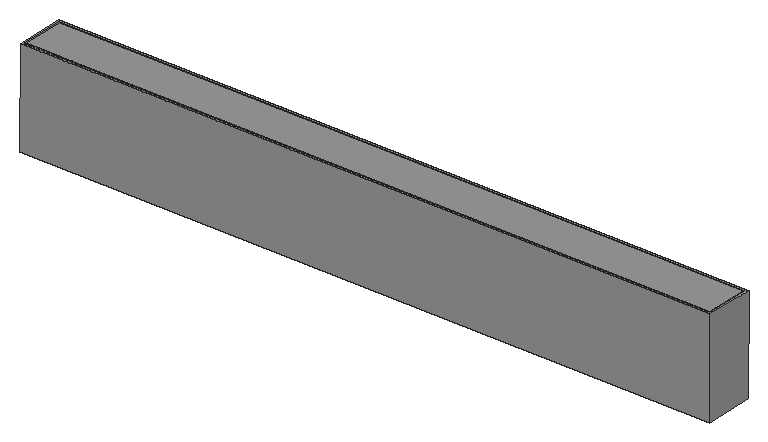
Revit family "Artemide_Sharp_SMD", category Lighting Fixtures, Revit 2018 (continued)
Types (243, lengths in mm): name | Wattage | V_2Optics | V_1Optic | TotalNumberOfOptics | built-in parameter 1150134 | Photometric Web File | NumberOfOptics | M_ExternalHousing | built-in parameter 1150105 | Lumens | built-in parameter 1150107 | built-in parameter 1150106 | URL to O&M Manual | Suitable for Dimming  | Suitable Dimmer Type | Product Model Number | Overall Length | Housing Colour  | Emit from Rectangle Width | Emit from Rectangle Length | Efficiency | built-in parameter 1150104 | Distance_RightEnd | Colour Temperature
  SharpSMD_12opticunit_37W_36°_2700K_White_AF80801 | 37 W | no | yes | 12 | (empty or 0) | "AF80801+AF95201.IES" | 11 | Artemide_Aluminum_White | 168.54 (stored number, unit not read) | 2117.88 lm | 2700 (stored number, unit not read) | 1.6854 (stored number, unit not read) | "https://www.artemide.com/contents/documenti/prodotto/sharp_smd_instructions4862734.pdf" | "N" | "-" | "AF80801" | 448 | "White" | 37.4 | 447.6 | 71 | 5.3178 (stored number, unit not read) | 431.2 | 2700
  SharpSMD_12opticunit_37W_36°_2700K_DimmableDali_White_AF82701 | 37 W | no | yes | 12 | (empty or 0) | "AF82701+AF95201.IES" | 11 | Artemide_Aluminum_White | 168.54 (stored number, unit not read) | 2117.88 lm | 2700 (stored number, unit not read) | 1.6854 (stored number, unit not read) | "https://www.artemide.com/contents/documenti/prodotto/sharp_smd_instructions4862734.pdf" | "Y" | "DALI" | "AF82701" | 448 | "White" | 37.4 | 447.6 | 71 | 5.3178 (stored number, unit not read) | 431.2 | 2700
  SharpSMD_12opticunit_37W_52°_2700K_White_AF80901 | 37 W | no | yes | 12 | (empty or 0) | "AF80901+AF95201.IES" | 11 | Artemide_Aluminum_White | 174.54 (stored number, unit not read) | 2193.36 lm | 2700 (stored number, unit not read) | 1.7454 (stored number, unit not read) | "https://www.artemide.com/contents/documenti/prodotto/sharp_smd_instructions4862734.pdf" | "N" | "-" | "AF80901" | 448 | "White" | 37.4 | 447.6 | 73 | 5.5073 (stored number, unit not read) | 431.2 | 2700
  SharpSMD_12opticunit_37W_52°_2700K_DimmableDali_White_AF82801 | 37 W | no | yes | 12 | (empty or 0) | "AF82801+AF95201.IES" | 11 | Artemide_Aluminum_White | 174.54 (stored number, unit not read) | 2193.36 lm | 2700 (stored number, unit not read) | 1.7454 (stored number, unit not read) | "https://www.artemide.com/contents/documenti/prodotto/sharp_smd_instructions4862734.pdf" | "Y" | "DALI" | "AF82801" | 448 | "White" | 37.4 | 447.6 | 73 | 5.5073 (stored number, unit not read) | 431.2 | 2700
  SharpSMD_12opticunit_37W_20°_2700K_DimmableDali_White_AF82601 | 37 W | no | yes | 12 | (empty or 0) | "AF82601+AF95201.IES" | 11 | Artemide_Aluminum_White | 180.14 (stored number, unit not read) | 2263.66 lm | 2700 (stored number, unit not read) | 1.8014 (stored number, unit not read) | "https://www.artemide.com/contents/documenti/prodotto/sharp_smd_instructions4862734.pdf" | "Y" | "DALI" | "AF82601" | 448 | "White" | 37.4 | 447.6 | 76 | 5.6838 (stored number, unit not read) | 431.2 | 2700
  SharpSMD_12opticunit_37W_20°_2700K_White_AF80701 | 37 W | no | yes | 12 | (empty or 0) | "AF80701+AF95201.IES" | 11 | Artemide_Aluminum_White | 180.14 (stored number, unit not read) | 2263.66 lm | 2700 (stored number, unit not read) | 1.8014 (stored number, unit not read) | "https://www.artemide.com/contents/documenti/prodotto/sharp_smd_instructions4862734.pdf" | "N" | "-" | "AF80701" | 448 | "White" | 37.4 | 447.6 | 76 | 5.6838 (stored number, unit not read) | 431.2 | 2700
  SharpSMD_16opticunit_47W_20°_3000K_Black_AF86004 | 47 W | no | yes | 16 | (empty or 0) | "AF86004+AF95201.IES" | 15 | Artemide_Aluminum_Black | 255.86 (stored number, unit not read) | 3215.27 lm | 3000 (stored number, unit not read) | 2.5586 (stored number, unit not read) | "https://www.artemide.com/contents/documenti/prodotto/sharp_smd_instructions4862734.pdf" | "N" | "-" | "AF86004" | 596 | "Black" | 37.4 | 596.8 | 76 | 6.3555 (stored number, unit not read) | 580.4 | 3000
  SharpSMD_16opticunit_47W_20°_3000K_Silver_AF86005 | 47 W | no | yes | 16 | (empty or 0) | "AF86005+AF95201.IES" | 15 | Artemide_Aluminum_BrushedSilver | 255.86 (stored number, unit not read) | 3215.27 lm | 3000 (stored number, unit not read) | 2.5586 (stored number, unit not read) | "https://www.artemide.com/contents/documenti/prodotto/sharp_smd_instructions4862734.pdf" | "N" | "-" | "AF86005" | 596 | "Silver" | 37.4 | 596.8 | 76 | 6.3555 (stored number, unit not read) | 580.4 | 3000
  SharpSMD_16opticunit_47W_20°_4000K_White_AF86301 | 47 W | no | yes | 16 | 12 | "AF86301+AF95201.IES" | 15 | Artemide_Aluminum_White | 273.85 (stored number, unit not read) | 3441.34 lm | 4000 (stored number, unit not read) | 2.7385 (stored number, unit not read) | "https://www.artemide.com/contents/documenti/prodotto/sharp_smd_instructions4862734.pdf" | "N" | "-" | "AF86301" | 596 | "White" | 37.4 | 596.8 | 76 | 6.8024 (stored number, unit not read) | 580.4 | 4000
  SharpSMD_16opticunit_47W_20°_4000K_Black_AF86304 | 47 W | no | yes | 16 | 12 | "AF86304+AF95201.IES" | 15 | Artemide_Aluminum_Black | 273.85 (stored number, unit not read) | 3441.34 lm | 4000 (stored number, unit not read) | 2.7385 (stored number, unit not read) | "https://www.artemide.com/contents/documenti/prodotto/sharp_smd_instructions4862734.pdf" | "N" | "-" | "AF86304" | 596 | "Black" | 37.4 | 596.8 | 76 | 6.8024 (stored number, unit not read) | 580.4 | 4000
  SharpSMD_16opticunit_47W_20°_4000K_Silver_AF86305 | 47 W | no | yes | 16 | 12 | "AF86305+AF95201.IES" | 15 | Artemide_Aluminum_BrushedSilver | 273.85 (stored number, unit not read) | 3441.34 lm | 4000 (stored number, unit not read) | 2.7385 (stored number, unit not read) | "https://www.artemide.com/contents/documenti/prodotto/sharp_smd_instructions4862734.pdf" | "N" | "-" | "AF86305" | 596 | "Silver" | 37.4 | 596.8 | 76 | 6.8024 (stored number, unit not read) | 580.4 | 4000
  SharpSMD_16opticunit_47W_36°_3000K_White_AF86101 | 47 W | no | yes | 16 | (empty or 0) | "AF86101+AF95201.IES" | 15 | Artemide_Aluminum_White | 239.41 (stored number, unit not read) | 3008.47 lm | 3000 (stored number, unit not read) | 2.3941 (stored number, unit not read) | "https://www.artemide.com/contents/documenti/prodotto/sharp_smd_instructions4862734.pdf" | "N" | "-" | "AF86101" | 596 | "White" | 37.4 | 596.8 | 71 | 5.9467 (stored number, unit not read) | 580.4 | 3000
  SharpSMD_16opticunit_47W_36°_3000K_Black_AF86104 | 47 W | no | yes | 16 | (empty or 0) | "AF86104+AF95201.IES" | 15 | Artemide_Aluminum_Black | 239.41 (stored number, unit not read) | 3008.47 lm | 3000 (stored number, unit not read) | 2.3941 (stored number, unit not read) | "https://www.artemide.com/contents/documenti/prodotto/sharp_smd_instructions4862734.pdf" | "N" | "-" | "AF86104" | 596 | "Black" | 37.4 | 596.8 | 71 | 5.9467 (stored number, unit not read) | 580.4 | 3000
  SharpSMD_16opticunit_47W_36°_3000K_Silver_AF86105 | 47 W | no | yes | 16 | (empty or 0) | "AF86105+AF95201.IES" | 15 | Artemide_Aluminum_BrushedSilver | 239.41 (stored number, unit not read) | 3008.47 lm | 3000 (stored number, unit not read) | 2.3941 (stored number, unit not read) | "https://www.artemide.com/contents/documenti/prodotto/sharp_smd_instructions4862734.pdf" | "N" | "-" | "AF86105" | 596 | "Silver" | 37.4 | 596.8 | 71 | 5.9467 (stored number, unit not read) | 580.4 | 3000
  SharpSMD_16opticunit_47W_36°_4000K_White_AF86401 | 47 W | no | yes | 16 | 12 | "AF86401+AF95201.IES" | 15 | Artemide_Aluminum_White | 256.27 (stored number, unit not read) | 3220.44 lm | 4000 (stored number, unit not read) | 2.5627 (stored number, unit not read) | "https://www.artemide.com/contents/documenti/prodotto/sharp_smd_instructions4862734.pdf" | "N" | "-" | "AF86401" | 596 | "White" | 37.4 | 596.8 | 71 | 6.3657 (stored number, unit not read) | 580.4 | 4000
  SharpSMD_16opticunit_47W_36°_4000K_Black_AF86404 | 47 W | no | yes | 16 | 12 | "AF86404+AF95201.IES" | 15 | Artemide_Aluminum_Black | 256.27 (stored number, unit not read) | 3220.44 lm | 4000 (stored number, unit not read) | 2.5627 (stored number, unit not read) | "https://www.artemide.com/contents/documenti/prodotto/sharp_smd_instructions4862734.pdf" | "N" | "-" | "AF86404" | 596 | "Black" | 37.4 | 596.8 | 71 | 6.3657 (stored number, unit not read) | 580.4 | 4000
  SharpSMD_16opticunit_47W_36°_4000K_Silver_AF86405 | 47 W | no | yes | 16 | 12 | "AF86405+AF95201.IES" | 15 | Artemide_Aluminum_BrushedSilver | 256.27 (stored number, unit not read) | 3220.44 lm | 4000 (stored number, unit not read) | 2.5627 (stored number, unit not read) | "https://www.artemide.com/contents/documenti/prodotto/sharp_smd_instructions4862734.pdf" | "N" | "-" | "AF86405" | 596 | "Silver" | 37.4 | 596.8 | 71 | 6.3657 (stored number, unit not read) | 580.4 | 4000
  SharpSMD_16opticunit_47W_52°_3000K_White_AF86201 | 47 W | no | yes | 16 | (empty or 0) | "AF86201+AF95201.IES" | 15 | Artemide_Aluminum_White | 247.93 (stored number, unit not read) | 3115.63 lm | 3000 (stored number, unit not read) | 2.4793 (stored number, unit not read) | "https://www.artemide.com/contents/documenti/prodotto/sharp_smd_instructions4862734.pdf" | "N" | "-" | "AF86201" | 596 | "White" | 37.4 | 596.8 | 73 | 6.1585 (stored number, unit not read) | 580.4 | 3000
  SharpSMD_16opticunit_47W_52°_3000K_Black_AF86204 | 47 W | no | yes | 16 | (empty or 0) | "AF86204+AF95201.IES" | 15 | Artemide_Aluminum_Black | 247.93 (stored number, unit not read) | 3115.63 lm | 3000 (stored number, unit not read) | 2.4793 (stored number, unit not read) | "https://www.artemide.com/contents/documenti/prodotto/sharp_smd_instructions4862734.pdf" | "N" | "-" | "AF86204" | 596 | "Black" | 37.4 | 596.8 | 73 | 6.1585 (stored number, unit not read) | 580.4 | 3000
  SharpSMD_16opticunit_47W_52°_3000K_Silver_AF86205 | 47 W | no | yes | 16 | (empty or 0) | "AF86205+AF95201.IES" | 15 | Artemide_Aluminum_BrushedSilver | 247.93 (stored number, unit not read) | 3115.63 lm | 3000 (stored number, unit not read) | 2.4793 (stored number, unit not read) | "https://www.artemide.com/contents/documenti/prodotto/sharp_smd_instructions4862734.pdf" | "N" | "-" | "AF86205" | 596 | "Silver" | 37.4 | 596.8 | 73 | 6.1585 (stored number, unit not read) | 580.4 | 3000
  SharpSMD_16opticunit_47W_52°_4000K_White_AF86501 | 47 W | no | yes | 16 | 12 | "AF86501+AF95201.IES" | 15 | Artemide_Aluminum_White | 265.36 (stored number, unit not read) | 3334.65 lm | 4000 (stored number, unit not read) | 2.6536 (stored number, unit not read) | "https://www.artemide.com/contents/documenti/prodotto/sharp_smd_instructions4862734.pdf" | "N" | "-" | "AF86501" | 596 | "White" | 37.4 | 596.8 | 73 | 6.5915 (stored number, unit not read) | 580.4 | 4000
  SharpSMD_16opticunit_47W_52°_4000K_Black_AF86504 | 47 W | no | yes | 16 | 12 | "AF86504+AF95201.IES" | 15 | Artemide_Aluminum_Black | 265.36 (stored number, unit not read) | 3334.65 lm | 4000 (stored number, unit not read) | 2.6536 (stored number, unit not read) | "https://www.artemide.com/contents/documenti/prodotto/sharp_smd_instructions4862734.pdf" | "N" | "-" | "AF86504" | 596 | "Black" | 37.4 | 596.8 | 73 | 6.5915 (stored number, unit not read) | 580.4 | 4000
  SharpSMD_16opticunit_47W_52°_4000K_Silver_AF86505 | 47 W | no | yes | 16 | 12 | "AF86505+AF95201.IES" | 15 | Artemide_Aluminum_BrushedSilver | 265.36 (stored number, unit not read) | 3334.65 lm | 4000 (stored number, unit not read) | 2.6536 (stored number, unit not read) | "https://www.artemide.com/contents/documenti/prodotto/sharp_smd_instructions4862734.pdf" | "N" | "-" | "AF86505" | 596 | "Silver" | 37.4 | 596.8 | 73 | 6.5915 (stored number, unit not read) | 580.4 | 4000
  SharpSMD_16opticunit_47W_20°_3000K_DimmableDali_Black_AF87004 | 47 W | no | yes | 16 | (empty or 0) | "AF87004+AF95201.IES" | 15 | Artemide_Aluminum_Black | 255.86 (stored number, unit not read) | 3215.27 lm | 3000 (stored number, unit not read) | 2.5586 (stored number, unit not read) | "https://www.artemide.com/contents/documenti/prodotto/sharp_smd_instructions4862734.pdf" | "Y" | "DALI" | "AF87004" | 596 | "Black" | 37.4 | 596.8 | 76 | 6.3555 (stored number, unit not read) | 580.4 | 3000
  SharpSMD_16opticunit_47W_36°_3000K_DimmableDali_Black_AF87104 | 47 W | no | yes | 16 | (empty or 0) | "AF87104+AF95201.IES" | 15 | Artemide_Aluminum_Black | 239.41 (stored number, unit not read) | 3008.47 lm | 3000 (stored number, unit not read) | 2.3941 (stored number, unit not read) | "https://www.artemide.com/contents/documenti/prodotto/sharp_smd_instructions4862734.pdf" | "Y" | "DALI" | "AF87104" | 596 | "Black" | 37.4 | 596.8 | 71 | 5.9467 (stored number, unit not read) | 580.4 | 3000
  SharpSMD_16opticunit_47W_52°_3000K_DimmableDali_Black_AF87204 | 47 W | no | yes | 16 | (empty or 0) | "AF87204+AF95201.IES" | 15 | Artemide_Aluminum_Black | 247.93 (stored number, unit not read) | 3115.63 lm | 3000 (stored number, unit not read) | 2.4793 (stored number, unit not read) | "https://www.artemide.com/contents/documenti/prodotto/sharp_smd_instructions4862734.pdf" | "Y" | "DALI" | "AF87204" | 596 | "Black" | 37.4 | 596.8 | 73 | 6.1585 (stored number, unit not read) | 580.4 | 3000
  SharpSMD_16opticunit_47W_20°_4000K_DimmableDali_Black_AF87304 | 47 W | no | yes | 16 | 12 | "AF87304+AF95201.IES" | 15 | Artemide_Aluminum_Black | 273.85 (stored number, unit not read) | 3441.34 lm | 4000 (stored number, unit not read) | 2.7385 (stored number, unit not read) | "https://www.artemide.com/contents/documenti/prodotto/sharp_smd_instructions4862734.pdf" | "Y" | "DALI" | "AF87304" | 596 | "Black" | 37.4 | 596.8 | 76 | 6.8024 (stored number, unit not read) | 580.4 | 4000
  SharpSMD_16opticunit_47W_52°_4000K_DimmableDali_Black_AF87504 | 47 W | no | yes | 16 | 12 | "AF87504+AF95201.IES" | 15 | Artemide_Aluminum_Black | 265.36 (stored number, unit not read) | 3334.65 lm | 4000 (stored number, unit not read) | 2.6536 (stored number, unit not read) | "https://www.artemide.com/contents/documenti/prodotto/sharp_smd_instructions4862734.pdf" | "Y" | "DALI" | "AF87504" | 596 | "Black" | 37.4 | 596.8 | 73 | 6.5915 (stored number, unit not read) | 580.4 | 4000
  SharpSMD_16opticunit_47W_36°_4000K_DimmableDali_Black_AF87404 | 47 W | no | yes | 16 | 12 | "AF87404+AF95201.IES" | 15 | Artemide_Aluminum_Black | 256.27 (stored number, unit not read) | 3220.44 lm | 4000 (stored number, unit not read) | 2.5627 (stored number, unit not read) | "https://www.artemide.com/contents/documenti/prodotto/sharp_smd_instructions4862734.pdf" | "Y" | "DALI" | "AF87404" | 596 | "Black" | 37.4 | 596.8 | 71 | 6.3657 (stored number, unit not read) | 580.4 | 4000
  SharpSMD_16opticunit_47W_20°_4000K_DimmableDali_Silver_AF87305 | 47 W | no | yes | 16 | 12 | "AF87305+AF95201.IES" | 15 | Artemide_Aluminum_BrushedSilver | 273.85 (stored number, unit not read) | 3441.34 lm | 4000 (stored number, unit not read) | 2.7385 (stored number, unit not read) | "https://www.artemide.com/contents/documenti/prodotto/sharp_smd_instructions4862734.pdf" | "Y" | "DALI" | "AF87305" | 596 | "Silver" | 37.4 | 596.8 | 76 | 6.8024 (stored number, unit not read) | 580.4 | 4000
  SharpSMD_16opticunit_47W_36°_4000K_DimmableDali_Silver_AF87405 | 47 W | no | yes | 16 | 12 | "AF87405+AF95201.IES" | 15 | Artemide_Aluminum_BrushedSilver | 256.27 (stored number, unit not read) | 3220.44 lm | 4000 (stored number, unit not read) | 2.5627 (stored number, unit not read) | "https://www.artemide.com/contents/documenti/prodotto/sharp_smd_instructions4862734.pdf" | "Y" | "DALI" | "AF87405" | 596 | "Silver" | 37.4 | 596.8 | 71 | 6.3657 (stored number, unit not read) | 580.4 | 4000
  SharpSMD_16opticunit_47W_52°_4000K_DimmableDali_Silver_AF87505 | 47 W | no | yes | 16 | 12 | "AF87505+AF95201.IES" | 15 | Artemide_Aluminum_BrushedSilver | 265.36 (stored number, unit not read) | 3334.65 lm | 4000 (stored number, unit not read) | 2.6536 (stored number, unit not read) | "https://www.artemide.com/contents/documenti/prodotto/sharp_smd_instructions4862734.pdf" | "Y" | "DALI" | "AF87505" | 596 | "Silver" | 37.4 | 596.8 | 73 | 6.5915 (stored number, unit not read) | 580.4 | 4000
  SharpSMD_16opticunit_47W_20°_3000K_DimmableDali_Silver_AF87005 | 47 W | no | yes | 16 | (empty or 0) | "AF87005+AF95201.IES" | 15 | Artemide_Aluminum_BrushedSilver | 255.86 (stored number, unit not read) | 3215.27 lm | 3000 (stored number, unit not read) | 2.5586 (stored number, unit not read) | "https://www.artemide.com/contents/documenti/prodotto/sharp_smd_instructions4862734.pdf" | "Y" | "DALI" | "AF87005" | 596 | "Silver" | 37.4 | 596.8 | 76 | 6.3555 (stored number, unit not read) | 580.4 | 3000
  SharpSMD_16opticunit_47W_52°_3000K_DimmableDali_Silver_AF87205 | 47 W | no | yes | 16 | (empty or 0) | "AF87205+AF95201.IES" | 15 | Artemide_Aluminum_BrushedSilver | 247.93 (stored number, unit not read) | 3115.63 lm | 3000 (stored number, unit not read) | 2.4793 (stored number, unit not read) | "https://www.artemide.com/contents/documenti/prodotto/sharp_smd_instructions4862734.pdf" | "Y" | "DALI" | "AF87205" | 596 | "Silver" | 37.4 | 596.8 | 73 | 6.1585 (stored number, unit not read) | 580.4 | 3000
  SharpSMD_16opticunit_47W_36°_3000K_DimmableDali_Silver_AF87105 | 47 W | no | yes | 16 | (empty or 0) | "AF87105+AF95201.IES" | 15 | Artemide_Aluminum_BrushedSilver | 239.41 (stored number, unit not read) | 3008.47 lm | 3000 (stored number, unit not read) | 2.3941 (stored number, unit not read) | "https://www.artemide.com/contents/documenti/prodotto/sharp_smd_instructions4862734.pdf" | "Y" | "DALI" | "AF87105" | 596 | "Silver" | 37.4 | 596.8 | 71 | 5.9467 (stored number, unit not read) | 580.4 | 3000
  SharpSMD_16opticunit_47W_20°_4000K_DimmableDali_White_AF87301 | 47 W | no | yes | 16 | 12 | "AF87301+AF95201.IES" | 15 | Artemide_Aluminum_White | 273.85 (stored number, unit not read) | 3441.34 lm | 4000 (stored number, unit not read) | 2.7385 (stored number, unit not read) | "https://www.artemide.com/contents/documenti/prodotto/sharp_smd_instructions4862734.pdf" | "Y" | "DALI" | "AF87301" | 596 | "White" | 37.4 | 596.8 | 76 | 6.8024 (stored number, unit not read) | 580.4 | 4000
  SharpSMD_16opticunit_47W_36°_4000K_DimmableDali_White_AF87401 | 47 W | no | yes | 16 | 12 | "AF87401+AF95201.IES" | 15 | Artemide_Aluminum_White | 256.27 (stored number, unit not read) | 3220.44 lm | 4000 (stored number, unit not read) | 2.5627 (stored number, unit not read) | "https://www.artemide.com/contents/documenti/prodotto/sharp_smd_instructions4862734.pdf" | "Y" | "DALI" | "AF87401" | 596 | "White" | 37.4 | 596.8 | 71 | 6.3657 (stored number, unit not read) | 580.4 | 4000
  SharpSMD_16opticunit_47W_52°_4000K_DimmableDali_White_AF87501 | 47 W | no | yes | 16 | 12 | "AF87501+AF95201.IES" | 15 | Artemide_Aluminum_White | 265.36 (stored number, unit not read) | 3334.65 lm | 4000 (stored number, unit not read) | 2.6536 (stored number, unit not read) | "https://www.artemide.com/contents/documenti/prodotto/sharp_smd_instructions4862734.pdf" | "Y" | "DALI" | "AF87501" | 596 | "White" | 37.4 | 596.8 | 73 | 6.5915 (stored number, unit not read) | 580.4 | 4000
  SharpSMD_16opticunit_47W_20°_3000K_DimmableDali_White_AF87001 | 47 W | no | yes | 16 | (empty or 0) | "AF87001+AF95201.IES" | 15 | Artemide_Aluminum_White | 255.86 (stored number, unit not read) | 3215.27 lm | 3000 (stored number, unit not read) | 2.5586 (stored number, unit not read) | "https://www.artemide.com/contents/documenti/prodotto/sharp_smd_instructions4862734.pdf" | "Y" | "DALI" | "AF87001" | 596 | "White" | 37.4 | 596.8 | 76 | 6.3555 (stored number, unit not read) | 580.4 | 3000
  SharpSMD_16opticunit_47W_52°_3000K_DimmableDali_White_AF87201 | 47 W | no | yes | 16 | (empty or 0) | "AF87201+AF95201.IES" | 15 | Artemide_Aluminum_White | 247.93 (stored number, unit not read) | 3115.63 lm | 3000 (stored number, unit not read) | 2.4793 (stored number, unit not read) | "https://www.artemide.com/contents/documenti/prodotto/sharp_smd_instructions4862734.pdf" | "Y" | "DALI" | "AF87201" | 596 | "White" | 37.4 | 596.8 | 73 | 6.1585 (stored number, unit not read) | 580.4 | 3000
  SharpSMD_16opticunit_47W_36°_3000K_DimmableDali_White_AF87101 | 47 W | no | yes | 16 | (empty or 0) | "AF87101+AF95201.IES" | 15 | Artemide_Aluminum_White | 239.41 (stored number, unit not read) | 3008.47 lm | 3000 (stored number, unit not read) | 2.3941 (stored number, unit not read) | "https://www.artemide.com/contents/documenti/prodotto/sharp_smd_instructions4862734.pdf" | "Y" | "DALI" | "AF87101" | 596 | "White" | 37.4 | 596.8 | 71 | 5.9467 (stored number, unit not read) | 580.4 | 3000
  SharpSMD_16opticunit_47W_20°_2700K_Black_AF85704 | 47 W | no | yes | 16 | (empty or 0) | "AF85704+AF95201.IES" | 15 | Artemide_Aluminum_Black | 240.15 (stored number, unit not read) | 3017.87 lm | 2700 (stored number, unit not read) | 2.4015 (stored number, unit not read) | "https://www.artemide.com/contents/documenti/prodotto/sharp_smd_instructions4862734.pdf" | "N" | "-" | "AF85704" | 596 | "Black" | 37.4 | 596.8 | 76 | 5.9653 (stored number, unit not read) | 580.4 | 2700
  SharpSMD_16opticunit_47W_20°_2700K_DimmableDali_Black_AF87604 | 47 W | no | yes | 16 | (empty or 0) | "AF87604+AF95201.IES" | 15 | Artemide_Aluminum_Black | 240.15 (stored number, unit not read) | 3017.87 lm | 2700 (stored number, unit not read) | 2.4015 (stored number, unit not read) | "https://www.artemide.com/contents/documenti/prodotto/sharp_smd_instructions4862734.pdf" | "Y" | "DALI" | "AF87604" | 596 | "Black" | 37.4 | 596.8 | 76 | 5.9653 (stored number, unit not read) | 580.4 | 2700
  SharpSMD_16opticunit_47W_36°_2700K_Black_AF85804 | 47 W | no | yes | 16 | (empty or 0) | "AF85804+AF95201.IES" | 15 | Artemide_Aluminum_Black | 224.75 (stored number, unit not read) | 2824.23 lm | 2700 (stored number, unit not read) | 2.2475 (stored number, unit not read) | "https://www.artemide.com/contents/documenti/prodotto/sharp_smd_instructions4862734.pdf" | "N" | "-" | "AF85804" | 596 | "Black" | 37.4 | 596.8 | 71 | 5.5825 (stored number, unit not read) | 580.4 | 2700
  SharpSMD_16opticunit_47W_36°_2700K_DimmableDali_Black_AF87704 | 47 W | no | yes | 16 | (empty or 0) | "AF87704+AF95201.IES" | 15 | Artemide_Aluminum_Black | 224.75 (stored number, unit not read) | 2824.23 lm | 2700 (stored number, unit not read) | 2.2475 (stored number, unit not read) | "https://www.artemide.com/contents/documenti/prodotto/sharp_smd_instructions4862734.pdf" | "Y" | "DALI" | "AF87704" | 596 | "Black" | 37.4 | 596.8 | 71 | 5.5825 (stored number, unit not read) | 580.4 | 2700
  SharpSMD_16opticunit_47W_52°_2700K_Black_AF85904 | 47 W | no | yes | 16 | (empty or 0) | "AF85904+AF95201.IES" | 15 | Artemide_Aluminum_Black | 232.71 (stored number, unit not read) | 2924.34 lm | 2700 (stored number, unit not read) | 2.3271 (stored number, unit not read) | "https://www.artemide.com/contents/documenti/prodotto/sharp_smd_instructions4862734.pdf" | "N" | "-" | "AF85904" | 596 | "Black" | 37.4 | 596.8 | 73 | 5.7804 (stored number, unit not read) | 580.4 | 2700
  SharpSMD_16opticunit_47W_52°_2700K_DimmableDali_Black_AF87804 | 47 W | no | yes | 16 | (empty or 0) | "AF87804+AF95201.IES" | 15 | Artemide_Aluminum_Black | 232.71 (stored number, unit not read) | 2924.34 lm | 2700 (stored number, unit not read) | 2.3271 (stored number, unit not read) | "https://www.artemide.com/contents/documenti/prodotto/sharp_smd_instructions4862734.pdf" | "Y" | "DALI" | "AF87804" | 596 | "Black" | 37.4 | 596.8 | 73 | 5.7804 (stored number, unit not read) | 580.4 | 2700
  SharpSMD_16opticunit_47W_20°_2700K_Silver_AF85705 | 47 W | no | yes | 16 | (empty or 0) | "AF85705+AF95201.IES" | 15 | Artemide_Aluminum_BrushedSilver | 240.15 (stored number, unit not read) | 3017.87 lm | 2700 (stored number, unit not read) | 2.4015 (stored number, unit not read) | "https://www.artemide.com/contents/documenti/prodotto/sharp_smd_instructions4862734.pdf" | "N" | "-" | "AF85705" | 596 | "Silver" | 37.4 | 596.8 | 76 | 5.9653 (stored number, unit not read) | 580.4 | 2700
  SharpSMD_16opticunit_47W_20°_2700K_DimmableDali_Silver_AF87605 | 47 W | no | yes | 16 | (empty or 0) | "AF87605+AF95201.IES" | 15 | Artemide_Aluminum_BrushedSilver | 240.15 (stored number, unit not read) | 3017.87 lm | 2700 (stored number, unit not read) | 2.4015 (stored number, unit not read) | "https://www.artemide.com/contents/documenti/prodotto/sharp_smd_instructions4862734.pdf" | "Y" | "DALI" | "AF87605" | 596 | "Silver" | 37.4 | 596.8 | 76 | 5.9653 (stored number, unit not read) | 580.4 | 2700
  SharpSMD_16opticunit_47W_52°_2700K_Silver_AF85905 | 47 W | no | yes | 16 | (empty or 0) | "AF85905+AF95201.IES" | 15 | Artemide_Aluminum_BrushedSilver | 232.71 (stored number, unit not read) | 2924.34 lm | 2700 (stored number, unit not read) | 2.3271 (stored number, unit not read) | "https://www.artemide.com/contents/documenti/prodotto/sharp_smd_instructions4862734.pdf" | "N" | "-" | "AF85905" | 596 | "Silver" | 37.4 | 596.8 | 73 | 5.7804 (stored number, unit not read) | 580.4 | 2700
  SharpSMD_16opticunit_47W_52°_2700K_DimmableDali_Silver_AF87805 | 47 W | no | yes | 16 | (empty or 0) | "AF87805+AF95201.IES" | 15 | Artemide_Aluminum_BrushedSilver | 232.71 (stored number, unit not read) | 2924.34 lm | 2700 (stored number, unit not read) | 2.3271 (stored number, unit not read) | "https://www.artemide.com/contents/documenti/prodotto/sharp_smd_instructions4862734.pdf" | "Y" | "DALI" | "AF87805" | 596 | "Silver" | 37.4 | 596.8 | 73 | 5.7804 (stored number, unit not read) | 580.4 | 2700
  SharpSMD_16opticunit_47W_36°_2700K_DimmableDali_Silver_AF87705 | 47 W | no | yes | 16 | (empty or 0) | "AF87705+AF95201.IES" | 15 | Artemide_Aluminum_BrushedSilver | 224.75 (stored number, unit not read) | 2824.23 lm | 2700 (stored number, unit not read) | 2.2475 (stored number, unit not read) | "https://www.artemide.com/contents/documenti/prodotto/sharp_smd_instructions4862734.pdf" | "Y" | "DALI" | "AF87705" | 596 | "Silver" | 37.4 | 596.8 | 71 | 5.5825 (stored number, unit not read) | 580.4 | 2700
  SharpSMD_16opticunit_47W_36°_2700K_Silver_AF85805 | 47 W | no | yes | 16 | (empty or 0) | "AF85805+AF95201.IES" | 15 | Artemide_Aluminum_BrushedSilver | 224.75 (stored number, unit not read) | 2824.23 lm | 2700 (stored number, unit not read) | 2.2475 (stored number, unit not read) | "https://www.artemide.com/contents/documenti/prodotto/sharp_smd_instructions4862734.pdf" | "N" | "-" | "AF85805" | 596 | "Silver" | 37.4 | 596.8 | 71 | 5.5825 (stored number, unit not read) | 580.4 | 2700
  SharpSMD_16opticunit_47W_20°_2700K_White_AF85701 | 47 W | no | yes | 16 | (empty or 0) | "AF85701+AF95201.IES" | 15 | Artemide_Aluminum_White | 240.15 (stored number, unit not read) | 3017.87 lm | 2700 (stored number, unit not read) | 2.4015 (stored number, unit not read) | "https://www.artemide.com/contents/documenti/prodotto/sharp_smd_instructions4862734.pdf" | "N" | "-" | "AF85701" | 596 | "White" | 37 | 596.8 | 76 | 5.9653 (stored number, unit not read) | 580.4 | 2700
  SharpSMD_16opticunit_47W_20°_2700K_DimmableDali_White_AF87601 | 47 W | no | yes | 16 | (empty or 0) | "AF87601+AF95201.IES" | 15 | Artemide_Aluminum_White | 240.15 (stored number, unit not read) | 3017.87 lm | 2700 (stored number, unit not read) | 2.4015 (stored number, unit not read) | "https://www.artemide.com/contents/documenti/prodotto/sharp_smd_instructions4862734.pdf" | "Y" | "DALI" | "AF87601" | 596 | "White" | 37.4 | 596.8 | 76 | 5.9653 (stored number, unit not read) | 580.4 | 2700
  SharpSMD_16opticunit_47W_52°_2700K_White_AF85901 | 47 W | no | yes | 16 | (empty or 0) | "AF85901+AF95201.IES" | 15 | Artemide_Aluminum_White | 232.71 (stored number, unit not read) | 2924.34 lm | 2700 (stored number, unit not read) | 2.3271 (stored number, unit not read) | "https://www.artemide.com/contents/documenti/prodotto/sharp_smd_instructions4862734.pdf" | "N" | "-" | "AF85901" | 596 | "White" | 37.4 | 596.8 | 73 | 5.7804 (stored number, unit not read) | 580.4 | 2700
  SharpSMD_16opticunit_47W_52°_2700K_DimmableDali_White_AF87801 | 47 W | no | yes | 16 | (empty or 0) | "AF87801+AF95201.IES" | 15 | Artemide_Aluminum_White | 232.71 (stored number, unit not read) | 2924.34 lm | 2700 (stored number, unit not read) | 2.3271 (stored number, unit not read) | "https://www.artemide.com/contents/documenti/prodotto/sharp_smd_instructions4862734.pdf" | "Y" | "DALI" | "AF87801" | 596 | "White" | 37.4 | 596.8 | 73 | 5.7804 (stored number, unit not read) | 580.4 | 2700
  SharpSMD_16opticunit_47W_36°_2700K_DimmableDali_White_AF87701 | 47 W | no | yes | 16 | (empty or 0) | "AF87701+AF95201.IES" | 15 | Artemide_Aluminum_White | 224.75 (stored number, unit not read) | 2824.23 lm | 2700 (stored number, unit not read) | 2.2475 (stored number, unit not read) | "https://www.artemide.com/contents/documenti/prodotto/sharp_smd_instructions4862734.pdf" | "Y" | "DALI" | "AF87701" | 596 | "White" | 37.4 | 596.8 | 71 | 5.5825 (stored number, unit not read) | 580.4 | 2700
  SharpSMD_16opticunit_47W_36°_2700K_White_AF85801 | 47 W | no | yes | 16 | (empty or 0) | "AF85801+AF95201.IES" | 15 | Artemide_Aluminum_White | 224.75 (stored number, unit not read) | 2824.23 lm | 2700 (stored number, unit not read) | 2.2475 (stored number, unit not read) | "https://www.artemide.com/contents/documenti/prodotto/sharp_smd_instructions4862734.pdf" | "N" | "-" | "AF85801" | 596 | "White" | 37.4 | 596.8 | 71 | 5.5825 (stored number, unit not read) | 580.4 | 2700
  SharpSMD_2opticunit_6,5W_52°_4000K_White_AF36801 | 6.5 W | yes | no | 3 | 12 | "AF36801+AF95101.IES" | 2 | Artemide_Aluminum_White | 35.939 (stored number, unit not read) | 451.62 lm | 4000 (stored number, unit not read) | 0.35939 (stored number, unit not read) | "https://www.artemide.com/contents/documenti/prodotto/sharp_smd_instructions4862935.pdf" | "N" | "-" | "AF36801" | 78 | "White" | 37.4 | 74.6 | 74 | 6.4549 (stored number, unit not read) | 58.2 | 4000
  SharpSMD_2opticunit_6,5W_36°_4000K_White_AF36701 | 6.5 W | yes | no | 3 | 12 | "AF36701+AF95101.IES" | 2 | Artemide_Aluminum_White | 34.703 (stored number, unit not read) | 436.085 lm | 4000 (stored number, unit not read) | 0.34703 (stored number, unit not read) | "https://www.artemide.com/contents/documenti/prodotto/sharp_smd_instructions4862935.pdf" | "N" | "-" | "AF36701" | 78 | "White" | 37.4 | 74.6 | 71 | 6.2329 (stored number, unit not read) | 58.2 | 4000
